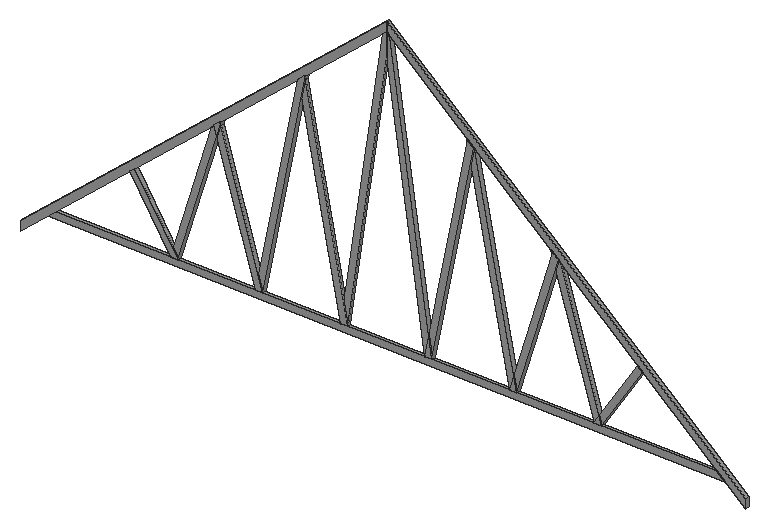
Revit family "TripleFinkTruss", category Structural Framing, Revit 2022
Family settings
  Section Shape = Not Defined
  Material for Model Behavior = Wood
  Always export as geometry = No
  OmniClass Number = 23.25.30.21.14
  OmniClass Title = Trussed Beams and Joists
  Work Plane-Based = No
  Always vertical = Yes
  Cut with Voids When Loaded = No
  Symbolic Representation = From Family
  Shared = No
  Show family pre-cut in plan views = Yes
Parameters
  WebWidth [instance] = 50 mm
  TopWidth [instance] = 50 mm
  WebDepth [instance] = 100 mm
  Structural Material [instance] = Poche
  SpanleftMini [instance] = SpanLeft / 12  # 416.667 mm
  SpanRightMini [instance] = SpanRight / 12  # 416.667 mm
  SpanRight [instance] = 5000 mm
  SpanLeft [instance] = 5000 mm
  Span [instance] = SpanLeft + SpanRight  # 10000 mm
  SlopeRight [instance] = 40.00°
  SlopeLeft [instance] = 40.00°
  OverhangRight [instance] = 400 mm
  OverhangLeft [instance] = 300 mm
  BottomWidth [instance] = 50 mm
  BottomDepth [instance] = 100 mm
  TopDepth [instance] = 100 mm
Reference planes
  plane 1 "Center (Front/Back)": y = 0
  plane 2: z = 0
  plane 3 "Center (Left/Right)": x = 0
  plane 4: x = 5000
  plane 5: x = 5300
  plane 6: x = -5000
  plane 7: x = -5400
  plane 8: z = 100
  plane 9: x = -1250
  plane 10: x = -2500
  plane 11: x = -3750
  plane 12: x = 1250
  plane 13: x = 2500
  plane 14: x = 3750
  plane 15: x = -625
  plane 16: x = -1875
  plane 17: x = -3125
  plane 18: x = 625
  plane 19: x = 1875
  plane 20: x = 3125
  plane 21: x = -4375
  plane 22: x = 4375
Forms (mm)
  Extrusion 1, solid, material "Cherry"
    sketch origin (0, 0, 0) x (1, 0, 0) y (0, 0, 1)
      loop
        line (-5000, 0) -> (5000, 0) -> (4880.825, 100) -> (-4880.825, 100) -> (-5000, 0)
    from -25 to 25
  Extrusion 2, solid, material "Cherry"
    sketch origin (0, 0, 0) x (1, 0, 0) y (0, 0, 1)
      loop
        line (-58.007, 4146.825) -> (-675.579, 100) -> (-574.421, 100) -> (0, 3864.065) -> (0, 4195.498) -> (-58.007, 4146.825)
    from -25 to 25
  Extrusion 3, solid, material "Cherry"
    sketch origin (0, 0, 0) x (1, 0, 0) y (0, 0, 1)
      loop
        line (0, 3864.065) -> (574.421, 100) -> (675.579, 100) -> (58.007, 4146.825) -> (0, 4195.498) -> (0, 3864.065)
    from -25 to 25
  Extrusion 4, solid, material "Cherry"
    sketch origin (0, 0, 0) x (1, 0, 0) y (0, 0, 1)
      loop
        line (573.959, 100) -> (676.041, 100) -> (1293.545, 3110.085) -> (1206.455, 3183.163) -> (573.959, 100)
    from -25 to 25
  Extrusion 5, solid, material "Cherry"
    sketch origin (0, 0, 0) x (1, 0, 0) y (0, 0, 1)
      loop
        line (3065.128, 100) -> (3184.872, 100) -> (3788.56, 1016.519) -> (3711.44, 1081.23) -> (3065.128, 100)
    from -25 to 25
  Extrusion 6, solid, material "Cherry"
    sketch origin (0, 0, 0) x (1, 0, 0) y (0, 0, 1)
      loop
        line (-3184.872, 100) -> (-3065.128, 100) -> (-3711.44, 1081.23) -> (-3788.56, 1016.519) -> (-3184.872, 100)
    from -25 to 25
  Extrusion 7, solid, material "Cherry"
    sketch origin (0, 0, 0) x (1, 0, 0) y (0, 0, 1)
      loop
        line (-1822.61, 100) -> (-2458.504, 2132.569) -> (-2541.496, 2062.929) -> (-1927.39, 100) -> (-1822.61, 100)
    from -25 to 25
  Extrusion 8, solid, material "Cherry"
    sketch origin (0, 0, 0) x (1, 0, 0) y (0, 0, 1)
      loop
        line (1927.39, 100) -> (2541.496, 2062.929) -> (2458.504, 2132.569) -> (1822.61, 100) -> (1927.39, 100)
    from -25 to 25
  Extrusion 9, solid, material "Cherry"
    sketch origin (0, 0, 0) x (1, 0, 0) y (0, 0, 1)
      loop
        line (2571.038, 2038.141) -> (2428.962, 2157.357) -> (3072.61, 100) -> (3177.39, 100) -> (2571.038, 2038.141)
    from -25 to 25
  Extrusion 10, solid, material "Cherry"
    sketch origin (0, 0, 0) x (1, 0, 0) y (0, 0, 1)
      loop
        line (-2428.962, 2157.357) -> (-2571.038, 2038.141) -> (-3177.39, 100) -> (-3072.61, 100) -> (-2428.962, 2157.357)
    from -25 to 25
  Extrusion 11, solid, material "Cherry"
    sketch origin (0, 0, 0) x (1, 0, 0) y (0, 0, 1)
      loop
        line (-1188.346, 3198.358) -> (-1311.654, 3094.89) -> (-1926.041, 100) -> (-1823.959, 100) -> (-1188.346, 3198.358)
    from -25 to 25
  Extrusion 12, solid, material "Cherry"
    sketch origin (0, 0, 0) x (1, 0, 0) y (0, 0, 1)
      loop
        line (1311.654, 3094.89) -> (1188.346, 3198.358) -> (1823.959, 100) -> (1926.041, 100) -> (1311.654, 3094.89)
    from -25 to 25
  Extrusion 13, solid, material "Cherry"
    sketch origin (0, 0, 0) x (1, 0, 0) y (0, 0, 1)
      loop
        line (5300, -251.73) -> (5300, -121.189) -> (0, 4326.039) -> (0, 4195.498) -> (5300, -251.73)
    from -25 to 25
  Extrusion 14, solid, material "Cherry"
    sketch origin (0, 0, 0) x (1, 0, 0) y (0, 0, 1)
      loop
        line (-5400, -335.64) -> (0, 4195.498) -> (0, 4326.039) -> (-5400, -205.099) -> (-5400, -335.64)
    from -25 to 25
  Extrusion 15, solid, material "Cherry"
    sketch origin (0, 0, 0) x (1, 0, 0) y (0, 0, 1)
      loop
        line (-573.959, 100) -> (-1206.455, 3183.163) -> (-1293.545, 3110.085) -> (-676.041, 100) -> (-573.959, 100)
    from -25 to 25
Lines and regions (mm)
  reference lines
    curve 1: line (5000, 0, 0) -> (0, 0, 4195.498)
    curve 2: line (5155.572, 0, 0) -> (120, 0, 4225.347)
    curve 3: line (-5000, 0, 0) -> (0, 0, 4195.498)
    curve 4: line (-5026.162, 0, 108.588) -> (-162.055, 0, 4190.058)
    curve 5: line (0, 25, 1595.888) -> (0, 25, -804.112)
    curve 6: line (0, -25, 1595.888) -> (0, -25, -804.112)
    curve 7: line (0, -25, 1595.888) -> (0, -25, -804.112)
    curve 8: line (0, -25, 1595.888) -> (0, -25, -804.112)
    curve 9: line (0, 25, 1595.888) -> (0, 25, -804.112)
    curve 10: line (0, 25, 1595.888) -> (0, 25, -804.112)
    curve 11: line (0, 0, 4195.498) -> (-625, 0, 100)
    curve 12: line (-625, 0, 100) -> (-1250, 0, 3146.624)
    curve 13: line (-1250, 0, 3146.624) -> (-1875, 0, 100)
    curve 14: line (-1875, 0, 100) -> (-2500, 0, 2097.749)
    curve 15: line (-2500, 0, 2097.749) -> (-3125, 0, 100)
    curve 16: line (-3125, 0, 100) -> (-3750, 0, 1048.875)
    curve 17: line (0, 0, 4195.498) -> (625, 0, 100)
    curve 18: line (625, 0, 100) -> (1250, 0, 3146.624)
    curve 19: line (1250, 0, 3146.624) -> (1875, 0, 100)
    curve 20: line (1875, 0, 100) -> (2500, 0, 2097.749)
    curve 21: line (2500, 0, 2097.749) -> (3125, 0, 100)
    curve 22: line (3125, 0, 100) -> (3750, 0, 1048.875)
    curve 23: line (3128.08, 0, 195.574) -> (3670.408, 0, 1018.935)
    curve 24: line (3120.253, 0, 1.896) -> (3829.592, 0, 1078.814)
    curve 25: line (2593.838, 0, 1965.265) -> (3142.021, 0, 213.054)
    curve 26: line (2406.162, 0, 2230.233) -> (3122.147, 0, -58.339)
    curve 27: line (1857.979, 0, 213.054) -> (2406.162, 0, 1965.265)
    curve 28: line (1877.853, 0, -58.339) -> (2593.838, 0, 2230.233)
    curve 29: line (1347.173, 0, 2921.752) -> (1923.116, 0, 114.259)
    curve 30: line (1152.827, 0, 3371.495) -> (1826.884, 0, 85.741)
    curve 31: line (576.884, 0, 114.259) -> (1152.827, 0, 2921.752)
    curve 32: line (673.116, 0, 85.741) -> (1347.173, 0, 3371.495)
    curve 33: line (98.396, 0, 3882.162) -> (672.857, 0, 117.838)
    curve 34: line (-98.396, 0, 4508.835) -> (577.143, 0, 82.162)
    curve 35: line (-98.396, 0, 3882.162) -> (-672.857, 0, 117.838)
    curve 36: line (98.396, 0, 4508.835) -> (-577.143, 0, 82.162)
    curve 37: line (-576.884, 0, 114.259) -> (-1152.827, 0, 2921.752)
    curve 38: line (-673.116, 0, 85.741) -> (-1347.173, 0, 3371.495)
    curve 39: line (-1347.173, 0, 2921.752) -> (-1923.116, 0, 114.259)
    curve 40: line (-1152.827, 0, 3371.495) -> (-1826.884, 0, 85.741)
    curve 41: line (-1857.979, 0, 213.054) -> (-2406.162, 0, 1965.265)
    curve 42: line (-1877.853, 0, -58.339) -> (-2593.838, 0, 2230.233)
    curve 43: line (-2593.838, 0, 1965.265) -> (-3142.021, 0, 213.054)
    curve 44: line (-2406.162, 0, 2230.233) -> (-3122.147, 0, -58.339)
    curve 45: line (-3128.08, 0, 195.574) -> (-3670.408, 0, 1018.935)
    curve 46: line (-3120.253, 0, 1.896) -> (-3829.592, 0, 1078.814)
Dimensions and locks
  "OverhangLeft": plane 4 to plane 5
  "OverhangRight": plane 6 to plane 7
  "SpanRight": plane 3 "Center (Left/Right)" to plane 6
  "SpanLeft": plane 3 "Center (Left/Right)" to plane 4
  "BottomDepth": level to plane 8
  "TopDepth": curve 1 to curve 2
  "TopDepth": curve 4 to curve 3
  equal spacing: curve 5, plane 1 "Center (Front/Back)", curve 6
  "TopWidth": curve 5 to curve 6
  equal spacing: curve 9, plane 1 "Center (Front/Back)", curve 7
  equal spacing: curve 10, plane 1 "Center (Front/Back)", curve 8
  "WebWidth": curve 9 to curve 7
  "BottomWidth": curve 10 to curve 8
  plane 4 to plane 3 "Center (Left/Right)" = 5000 mm
  plane 3 "Center (Left/Right)" to plane 6 = 5000 mm
  equal spacing: plane 3 "Center (Left/Right)", plane 18, plane 12, plane 19, plane 13, plane 20, plane 14, plane 22, plane 4
  equal spacing: plane 3 "Center (Left/Right)", plane 15, plane 9, plane 16, plane 10, plane 17, plane 11, plane 21, plane 6
  equal spacing: curve 23, curve 22, curve 24
  equal spacing: curve 25, curve 21, curve 26
  equal spacing: curve 27, curve 20, curve 28
  equal spacing: curve 29, curve 19, curve 30
  equal spacing: curve 31, curve 18, curve 32
  equal spacing: curve 33, curve 17, curve 34
  equal spacing: curve 36, curve 11, curve 35
  equal spacing: curve 38, curve 12, curve 37
  equal spacing: curve 40, curve 13, curve 39
  equal spacing: curve 42, curve 14, curve 41
  equal spacing: curve 44, curve 15, curve 43
  equal spacing: curve 46, curve 16, curve 45
  "WebDepth": curve 23 to curve 24
  "WebDepth": curve 25 to curve 26
  "WebDepth": curve 27 to curve 28
  "WebDepth": curve 29 to curve 30
  "WebDepth": curve 31 to curve 32
  "WebDepth": curve 33 to curve 34
  "WebDepth": curve 36 to curve 35
  "WebDepth": curve 38 to curve 37
  "WebDepth": curve 40 to curve 39
  "WebDepth": curve 42 to curve 41
  "WebDepth": curve 44 to curve 43
  "WebDepth": curve 46 to curve 45
  "SlopeLeft": angle level to curve 1
  "SlopeRight": angle curve 3 to level
  aligned and locked: plane 2 to level
  aligned and locked: level to curve 1
  aligned and locked: plane 3 "Center (Left/Right)" to curve 1
  aligned and locked: plane 4 to curve 1
  aligned and locked: plane 6 to curve 3
  aligned and locked: level to Extrusion 1 sketch curve
  aligned and locked: plane 8 to Extrusion 1 sketch curve
  aligned and locked: Extrusion 1 sketch curve to curve 3
  aligned and locked: Extrusion 1 sketch curve to curve 1
  aligned and locked: curve 10 to Extrusion 1
  aligned and locked: Extrusion 1 to curve 8
  aligned and locked: Extrusion 2 sketch curve to curve 35
  aligned and locked: curve 36 to Extrusion 2 sketch curve
  aligned and locked: curve 3 to Extrusion 2 sketch curve
  aligned and locked: plane 3 "Center (Left/Right)" to Extrusion 2 sketch curve
  aligned and locked: Extrusion 1 to Extrusion 2 sketch curve
  aligned and locked: curve 34 to Extrusion 3 sketch curve
  aligned and locked: Extrusion 3 sketch curve to curve 33
  aligned and locked: plane 3 "Center (Left/Right)" to Extrusion 3 sketch curve
  aligned and locked: Extrusion 1 to Extrusion 3 sketch curve
  aligned and locked: curve 1 to Extrusion 3 sketch curve
  aligned and locked: Extrusion 4 sketch curve to curve 31
  aligned and locked: curve 32 to Extrusion 4 sketch curve
  aligned and locked: curve 1 to Extrusion 4 sketch curve
  aligned and locked: Extrusion 1 to Extrusion 4 sketch curve
  aligned and locked: Extrusion 5 sketch curve to curve 23
  aligned and locked: curve 24 to Extrusion 5 sketch curve
  aligned and locked: curve 1 to Extrusion 5 sketch curve
  aligned and locked: Extrusion 1 to Extrusion 5 sketch curve
  aligned and locked: curve 46 to Extrusion 6 sketch curve
  aligned and locked: Extrusion 6 sketch curve to curve 45
  aligned and locked: curve 3 to Extrusion 6 sketch curve
  aligned and locked: Extrusion 1 to Extrusion 6 sketch curve
  aligned and locked: Extrusion 7 sketch curve to curve 41
  aligned and locked: curve 42 to Extrusion 7 sketch curve
  aligned and locked: curve 3 to Extrusion 7 sketch curve
  aligned and locked: Extrusion 1 to Extrusion 7 sketch curve
  aligned and locked: curve 28 to Extrusion 8 sketch curve
  aligned and locked: Extrusion 8 sketch curve to curve 27
  aligned and locked: curve 1 to Extrusion 8 sketch curve
  aligned and locked: Extrusion 1 to Extrusion 8 sketch curve
  aligned and locked: Extrusion 7 to curve 9
  aligned and locked: Extrusion 7 to curve 7
  aligned and locked: curve 9 to Extrusion 6
  aligned and locked: Extrusion 6 to curve 7
  aligned and locked: Extrusion 3 to Extrusion 2  (x2)
  aligned and locked: Extrusion 2 to Extrusion 4
  aligned and locked: Extrusion 4 to Extrusion 2
  aligned and locked: Extrusion 2 to Extrusion 8
  aligned and locked: Extrusion 8 to Extrusion 2
  aligned and locked: curve 9 to Extrusion 5
  aligned and locked: Extrusion 5 to curve 7
  aligned and locked: Extrusion 9 sketch curve to curve 25
  aligned and locked: curve 26 to Extrusion 9 sketch curve
  aligned and locked: curve 1 to Extrusion 9 sketch curve
  aligned and locked: Extrusion 1 to Extrusion 9 sketch curve
  aligned and locked: curve 44 to Extrusion 10 sketch curve
  aligned and locked: Extrusion 10 sketch curve to curve 43
  aligned and locked: curve 3 to Extrusion 10 sketch curve
  aligned and locked: Extrusion 1 to Extrusion 10 sketch curve
  aligned and locked: curve 40 to Extrusion 11 sketch curve
  aligned and locked: Extrusion 11 sketch curve to curve 39
  aligned and locked: curve 3 to Extrusion 11 sketch curve
  aligned and locked: Extrusion 1 to Extrusion 11 sketch curve
  aligned and locked: Extrusion 12 sketch curve to curve 29
  aligned and locked: curve 30 to Extrusion 12 sketch curve
  aligned and locked: Extrusion 1 to Extrusion 12 sketch curve
  aligned and locked: curve 1 to Extrusion 12 sketch curve
  aligned and locked: Extrusion 2 to Extrusion 10
  aligned and locked: Extrusion 10 to Extrusion 2
  aligned and locked: Extrusion 2 to Extrusion 11
  aligned and locked: Extrusion 11 to Extrusion 2
  aligned and locked: Extrusion 2 to Extrusion 12
  aligned and locked: Extrusion 12 to Extrusion 2
  aligned and locked: Extrusion 2 to Extrusion 9
  aligned and locked: Extrusion 9 to Extrusion 2
  aligned and locked: Extrusion 13 sketch curve to curve 1
  aligned and locked: Extrusion 13 sketch curve to curve 2
  aligned and locked: Extrusion 13 sketch curve to plane 3 "Center (Left/Right)"
  aligned and locked: Extrusion 13 sketch curve to plane 5
  aligned and locked: Extrusion 14 sketch curve to curve 3
  aligned and locked: Extrusion 14 sketch curve to curve 4
  aligned and locked: Extrusion 14 sketch curve to plane 3 "Center (Left/Right)"
  aligned and locked: plane 7 to Extrusion 14 sketch curve
  aligned and locked: Extrusion 14 to curve 5
  aligned and locked: Extrusion 14 to curve 6
  aligned and locked: Extrusion 13 to curve 5
  aligned and locked: Extrusion 13 to curve 6
  aligned and locked: Extrusion 15 sketch curve to curve 37
  aligned and locked: curve 38 to Extrusion 15 sketch curve
  aligned and locked: Extrusion 14 to Extrusion 15 sketch curve
  aligned and locked: Extrusion 1 to Extrusion 15 sketch curve
  aligned and locked: Extrusion 15 to curve 9
  aligned and locked: Extrusion 15 to curve 7
  aligned and locked: Extrusion 10 to curve 9
  aligned and locked: Extrusion 10 to curve 7
Automatic sketch dimensions
  level to curve 10 = 804.112 mm
  curve 5 to curve 10 = 0 mm
  curve 8 to curve 5 = 0 mm
  curve 8 to curve 6 = 0 mm  (x2)
  curve 8 to curve 7 = 0 mm  (x2)
  curve 9 to curve 10 = 0 mm  (x2)
  curve 6 to plane 8 = 1495.888 mm
  curve 6 to curve 9 = 0 mm
  curve 5 to curve 9 = 0 mm
  plane 11 to curve 16 = 0 mm
  curve 15 to plane 8 = 0 mm
  plane 17 to curve 15 = 0 mm
  plane 10 to curve 14 = 0 mm
  curve 14 to plane 8 = 0 mm
  plane 16 to curve 14 = 0 mm
  plane 9 to curve 13 = 0 mm
  curve 11 to plane 8 = 0 mm
  plane 15 to curve 11 = 0 mm
  curve 18 to plane 8 = 0 mm
  curve 18 to plane 18 = 0 mm
  curve 19 to plane 12 = 0 mm
  curve 20 to plane 8 = 0 mm
  curve 20 to plane 19 = 0 mm
  curve 21 to plane 13 = 0 mm
  curve 22 to plane 8 = 0 mm
  curve 22 to plane 20 = 0 mm
  curve 22 to plane 14 = 0 mm
  curve 2 to level = 0 mm
  curve 4 to plane 8 = 8.588 mm
  plane 11 to curve 46 = 79.592 mm
  curve 45 to plane 11 = 79.592 mm
  plane 17 to curve 43 = 17.021 mm
  plane 17 to curve 45 = 3.08 mm
  curve 44 to plane 17 = 2.853 mm
  curve 46 to level = 1.896 mm
  plane 10 to curve 43 = 93.838 mm
  plane 10 to curve 42 = 93.838 mm
  curve 41 to plane 10 = 93.838 mm
  curve 44 to plane 10 = 93.838 mm
  curve 39 to plane 8 = 14.259 mm
  plane 16 to curve 42 = 2.853 mm
  curve 41 to plane 16 = 17.021 mm
  plane 8 to curve 40 = 14.259 mm
  plane 9 to curve 39 = 97.173 mm
  plane 9 to curve 38 = 97.173 mm
  curve 37 to plane 9 = 97.173 mm
  curve 40 to plane 9 = 97.173 mm
  plane 8 to curve 38 = 14.259 mm
  curve 35 to plane 8 = 17.838 mm
  plane 8 to curve 36 = 17.838 mm
  curve 37 to plane 8 = 14.259 mm
  curve 4 to plane 3 "Center (Left/Right)" = 162.055 mm
  curve 34 to plane 3 "Center (Left/Right)" = 98.396 mm
  curve 35 to plane 3 "Center (Left/Right)" = 98.396 mm
  plane 3 "Center (Left/Right)" to curve 33 = 98.396 mm
  plane 3 "Center (Left/Right)" to curve 36 = 98.396 mm
  plane 3 "Center (Left/Right)" to curve 2 = 120 mm
  curve 31 to plane 8 = 14.259 mm
  plane 8 to curve 34 = 17.838 mm
  curve 33 to plane 8 = 17.838 mm
  plane 8 to curve 32 = 14.259 mm
  curve 31 to plane 12 = 97.173 mm
  curve 30 to plane 12 = 97.173 mm
  plane 12 to curve 29 = 97.173 mm
  plane 12 to curve 32 = 97.173 mm
  plane 8 to curve 30 = 14.259 mm
  curve 27 to plane 19 = 17.021 mm
  plane 19 to curve 28 = 2.853 mm
  curve 29 to plane 8 = 14.259 mm
  curve 26 to plane 13 = 93.838 mm
  curve 27 to plane 13 = 93.838 mm
  plane 13 to curve 28 = 93.838 mm
  plane 13 to curve 25 = 93.838 mm
  curve 24 to level = 1.896 mm
  curve 26 to plane 20 = 2.853 mm
  plane 20 to curve 23 = 3.08 mm
  plane 20 to curve 25 = 17.021 mm
  curve 23 to plane 14 = 79.592 mm
  plane 14 to curve 24 = 79.592 mm
